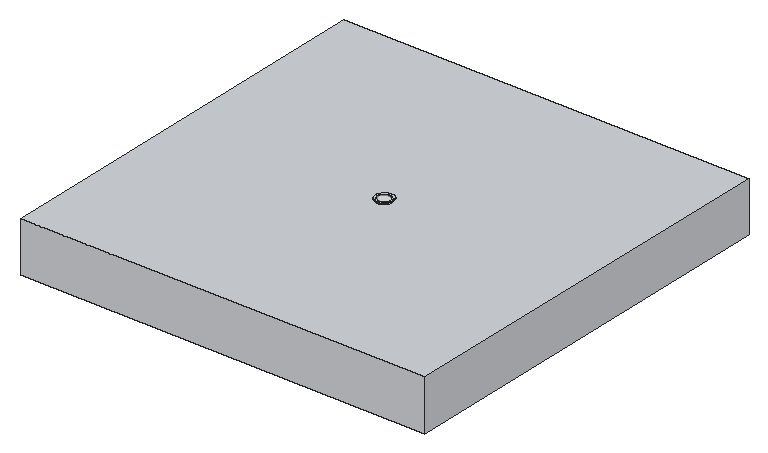
Revit family "DOLED", category Luminaires, Revit 2021
Family settings
  Hôte = Face
  Cote de connecteur circulaire = Utiliser le diamètre
  Type d'élément = Normal
  Numéro OmniClass = 23.80.70.11.14.11
  Titre OmniClass = Downlights
  Couper avec des vides une fois chargée = Oui
  Source d'éclairage = Oui
  Partagée = Oui
  Point de calcul de pièce = Oui
Parameters (values of type "962411")
  Épaisseur collerette = 2 mm
  Épaisseur = 45 mm
  URL = "https://www.resistex-sa.com/fr/doled-1445lm-bl-3000k-1154.html"
  Tension = 230 V  # constant formula
  built-in parameter 1150107 = 3000 (stored number, unit not read)
  Rayon corps = 42.5 mm
  Rayon collerette = 52.5 mm
  Wattage = 12.1 W
  built-in parameter 1150110 = 1 (stored number, unit not read)
  built-in parameter 1150109 = 1 (stored number, unit not read)
  built-in parameter 1114218 = 1 (stored number, unit not read)
  built-in parameter 1150113 = 1 (stored number, unit not read)
  built-in parameter 1150112 = 1 (stored number, unit not read)
  Nombre pôles = 1  # constant formula
  built-in parameter 1150137 = (empty or 0)
  built-in parameter 1150132 = (empty or 0)
  Modèle = "Doled"  # constant formula
  Matériau collerette = PC Transparent
  built-in parameter 1150105 = 114.58 (stored number, unit not read)
  built-in parameter 1150102 = (empty or 0)
  Indice de charge = Eclairage
  Image du type = <Aucun>
  IP = "44"  # constant formula
  IK = "06"  # constant formula
  Gradation des changements de température de couleur de lampe = <Aucun>
  Garantie = "2 ans"  # constant formula
  Lumens = 1439.9 lm
  Color Filter = 16777215
  Fichier de distribution photométrique = "962411_LD.ies"
  built-in parameter 1114217 = 1 (stored number, unit not read)
  built-in parameter 1150139 = (empty or 0)
  Fabricant = "Résistex"  # constant formula
  Emit from Circle Diameter = 609.6 mm
  Emit Shape Visible in Rendering = no
  Default Elevation = 0 mm
  built-in parameter 1150104 = 11.055 (stored number, unit not read)
  built-in parameter 1150106 = 1.1458 (stored number, unit not read)
  built-in parameter 1150115 = 1 (stored number, unit not read)
  built-in parameter 1150114 = 1 (stored number, unit not read)
  Diamètre intérieur = 75.2 mm
  Description = "Downlight équipé d'une platine LED SMD, efficacité lumineuse de 119lm/W"
  Coût = 32.5
  built-in parameter 1150138 = (empty or 0)
  built-in parameter 1150134 = (empty or 0)
  Commentaires relatifs à la puissance = "12.1W"
  Apparent Load = 13.44 VA
  Tilt Angle = 60.00°
  built-in parameter 1150133 = 10 (stored number, unit not read)
Types (12, lengths in mm): name | URL | built-in parameter 1150107 | Rayon corps | Rayon collerette | Wattage | built-in parameter 1150105 | Lumens | Fichier de distribution photométrique | built-in parameter 1150104 | built-in parameter 1150106 | Diamètre intérieur | Description | Coût | built-in parameter 1150134 | Commentaires relatifs à la puissance | Apparent Load
  (no name) | "https://www.resistex-sa.com/fr/doled-1445lm-bl-3000k-1154.html" | 3000 (stored number, unit not read) | 42.5 | 52.5 | 12.1 W | 114.58 (stored number, unit not read) | 1439.9 lm | "962411_LD.ies" | 11.055 (stored number, unit not read) | 1.1458 (stored number, unit not read) | 75.2 | "Downlight équipé d'une platine LED SMD, efficacité lumineuse de 119lm/W" | 32.5 | (empty or 0) | "12.1W" | 13.44 VA
  962411 | "https://www.resistex-sa.com/fr/doled-1445lm-bl-3000k-1154.html" | 3000 (stored number, unit not read) | 42.5 | 52.5 | 12.1 W | 114.58 (stored number, unit not read) | 1439.9 lm | "962411_LD.ies" | 11.055 (stored number, unit not read) | 1.1458 (stored number, unit not read) | 75.2 | "Downlight équipé d'une platine LED SMD, efficacité lumineuse de 119lm/W" | 32.5 | (empty or 0) | "12.1W" | 13.44 VA
  962412 | "https://www.resistex-sa.com/fr/doled-1516lm-bl-4000k-1196.html" | 4000 (stored number, unit not read) | 42.5 | 52.5 | 12.1 W | 120.36 (stored number, unit not read) | 1512.5 lm | "962412.ies" | 11.613 (stored number, unit not read) | 1.2036 (stored number, unit not read) | 75.2 | "Downlight équipé d'une platine LED SMD, efficacité lumineuse de 125lm/W" | 32.5 | 12 | "12.1W" | 12.74 VA
  962413 | "https://www.resistex-sa.com/fr/doled-1991lm-bl-3000k-1155.html" | 3000 (stored number, unit not read) | 77.5 | 84 | 16.2 W | 158.57 (stored number, unit not read) | 1992.6 lm | "962413.ies" | 11.427 (stored number, unit not read) | 1.5857 (stored number, unit not read) | 142.6 | "Downlight équipé d'une platine LED SMD, efficacité lumineuse de 123lm/W" | 43 | (empty or 0) | "16.2W" | 17.05 VA
  962414 | "https://www.resistex-sa.com/fr/doled-2091lm-bl-4000k-1139.html" | 4000 (stored number, unit not read) | 77.5 | 84 | 16.2 W | 166.3 (stored number, unit not read) | 2089.8 lm | "962414.ies" | 11.984 (stored number, unit not read) | 1.663 (stored number, unit not read) | 142.6 | "Downlight équipé d'une platine LED SMD, efficacité lumineuse de 129lm/W" | 43 | 12 | "16.2W" | 16.53 VA
  962471 | "https://www.resistex-sa.com/fr/doled-1991lm-dali-bl-3000k-1156.html" | 3000 (stored number, unit not read) | 77.5 | 84 | 16.2 W | 158.57 (stored number, unit not read) | 1992.6 lm | "962471.ies" | 11.427 (stored number, unit not read) | 1.5857 (stored number, unit not read) | 142.6 | "Downlight équipé d'une platine LED SMD, efficacité lumineuse de 129lm/W" | 70 | (empty or 0) | "16.2W" | 16.53 VA
  962472 | "https://www.resistex-sa.com/fr/doled-2091lm-dali-bl-4000k-1157.html" | 4000 (stored number, unit not read) | 77.5 | 84 | 16.2 W | 166.3 (stored number, unit not read) | 2089.8 lm | "962472.ies" | 11.984 (stored number, unit not read) | 1.663 (stored number, unit not read) | 142.6 | "Downlight équipé d'une platine LED SMD, efficacité lumineuse de 129lm/W" | 70 | 12 | "16.2W" | 16.53 VA
  962454 | "https://www.resistex-sa.com/fr/doled-2059lm-bl-4000k-330.html" | 4000 (stored number, unit not read) | 97.5 | 112.5 | 16.2 W | 163.72 (stored number, unit not read) | 2057.4 lm | "962454.ies" | 11.799 (stored number, unit not read) | 1.6372 (stored number, unit not read) | 181.6 | "Downlight équipé d'une platine LED SMD, efficacité lumineuse de 127lm/W" | 50 | 12 | "16.2W" | 17.42 VA
  962453 | "https://www.resistex-sa.com/fr/doled-1997lm-bl-3000k-329.html" | 3000 (stored number, unit not read) | 97.5 | 112.5 | 16.2 W | 158.57 (stored number, unit not read) | 1992.6 lm | "962453.ies" | 11.427 (stored number, unit not read) | 1.5857 (stored number, unit not read) | 181.6 | "Downlight équipé d'une platine LED SMD, efficacité lumineuse de 123lm/W" | 50 | (empty or 0) | "16.2W" | 17.42 VA
  962460 | "https://www.resistex-sa.com/fr/doled-1997lm-ik10-3000k-948.html" | 3000 (stored number, unit not read) | 97.5 | 112.5 | 16.2 W | 158.57 (stored number, unit not read) | 1992.6 lm | "962460.ies" | 11.427 (stored number, unit not read) | 1.5857 (stored number, unit not read) | 181.6 | "Downlight équipé d'une platine LED SMD, efficacité lumineuse de 123lm/W" | 87.5 | (empty or 0) | "16.2W" | 17.42 VA
  962457 | "https://www.resistex-sa.com/fr/doled-2059lm-ik10-bl-4000k-333.html" | 4000 (stored number, unit not read) | 97.5 | 112.5 | 16.2 W | 163.72 (stored number, unit not read) | 2057.4 lm | "962457.ies" | 11.799 (stored number, unit not read) | 1.6372 (stored number, unit not read) | 181.6 | "Downlight équipé d'une platine LED SMD, efficacité lumineuse de 127lm/W" | 87.5 | 12 | "16.2W" | 17.42 VA
  962488 | "https://www.resistex-sa.com/fr/doled-first-1600lm-4000k-1364.html" | 4000 (stored number, unit not read) | 72.5 | 85 | 16.6 W | 127.21 (stored number, unit not read) | 1598.58 lm | "962488.ies" | 8.9466 (stored number, unit not read) | 1.2721 (stored number, unit not read) | 137.5 | "Downlight équipé d'une platine LED SMD, efficacité lumineuse de 96.3lm/W" | 17.5 | 12 | "16.6W" | 27.67 VA
Reference planes
  plane 1 "Centre (avant/arrière)": y = 0
  plane 2: z = 0
  plane 3 "Centre (gauche/droite)": x = 0
  plane 4 "Face collerette": z = 2
Forms (mm)
  Extrusion 1, solid
    sketch origin (0, 0, 0) x (1, 0, 0) y (0, 1, 0)
      loop
        line (-1219.2, 1219.2) -> (-1219.2, -1219.2) -> (1219.2, -1219.2) -> (1219.2, 1219.2) -> (-1219.2, 1219.2)
    from 0 to -304.8
  Revolve 2, solid
    sketch origin (0, 0, 0) x (1, 0, 0) y (0, 0, 1)
      loop
        line (0, 2) -> (-52.5, 2) -> (-52.5, 0) -> (-42.5, 0) -> (-42.5, -45) -> (0, -45) -> (0, 2)
      axis (0, 2) -> (0, -45)
    angle from 0 to 360
  Extrusion 3, void
    sketch origin (0, 0, 0) x (1, 0, 0) y (0, 1, 0)
      loop
        circle (0, 0) r 37.6
    from 0 to 3
  Extrusion 4, solid, material "PC Transparent" <- "Matériau collerette"
    sketch origin (0, 0, 0) x (1, 0, 0) y (0, 1, 0)
      loop
        circle (0, 0) r 37.6
    from 0 to 1
Cuts and joins
  Extrusion 3 cuts Revolve 2
Dimensions and locks
  "Rayon collerette": Revolve 2 sketch curve to imposter light
  "Rayon corps": Revolve 2 sketch curve to imposter light
  "Épaisseur collerette": Revolve 2 sketch curve to Extrusion 1
  "Épaisseur": Extrusion 1 to Revolve 2 sketch curve
  "Épaisseur collerette": plane 4 "Face collerette" to Extrusion 1
  "Diamètre intérieur": diameter of Extrusion 3 sketch curve
  "Diamètre intérieur": diameter of Extrusion 4 sketch curve
  aligned and locked: plane 2 to Extrusion 1
  aligned and locked: level to Extrusion 1
  aligned and locked: imposter light to Extrusion 3 sketch curve  (x2)
  aligned and locked: imposter light to Extrusion 4 sketch curve  (x2)
Automatic sketch dimensions
  Extrusion 1 sketch curve to Extrusion 1 sketch curve = 2438.4 mm  (x2)
  Revolve 2 sketch curve to plane 3 "Centre (gauche/droite)" = 0 mm  (x2)
  Revolve 2 sketch curve to level = 0 mm
  Revolve 2 sketch curve to Revolve 2 sketch curve = 18 mm
  Revolve 2 sketch curve to Revolve 2 sketch curve = 60 mm
Connectors
  electrical at (0, 0, 0), driven by "Nombre pôles", driven by "Tension", driven by "Indice de charge", driven by "Apparent Load"
    settings: on cut or joined group of Revolve 2, Extrusion 3, index 1, voltage 230 V, apparent load 0 VA, apparent load phase1 13.44 VA, apparent load phase2 0 VA, apparent load phase3 0 VA, power factor 1, load classification "Eclairage", number of poles 1, system type 31, power factor state 1, is connector primary yes, connector utility no, sub classification motor no, connector description ""
